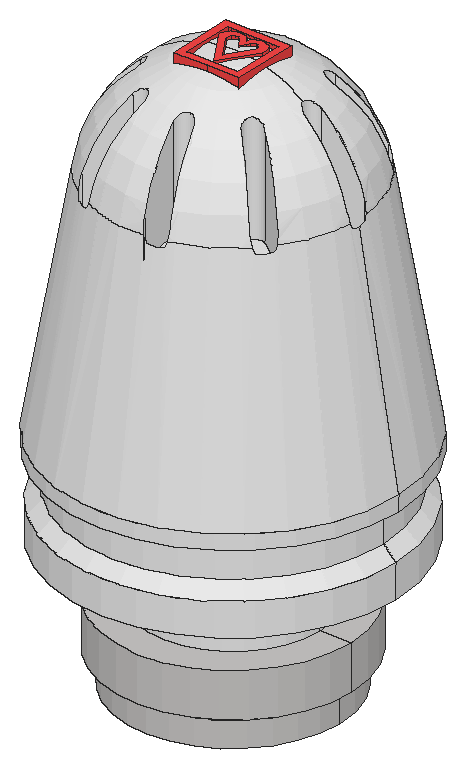
Revit family "HERZ-Thermostatkopf MINI Turbo M28x1.5 9200 13", category Rohrzubehör, Revit 2020
Family settings
  Bemaßung runder Anschluss = Durchmesser verwenden
  Teiletyp = Normal
  OmniClass-Nummer = 23.65.55.14
  OmniClass-Titel = Valves for Liquid Services
  Arbeitsebenenbasiert = Nein
  Immer vertikal = Nein
  Beim Laden mit Abzugskörper schneiden = Nein
  Gemeinsam genutzt = Nein
Parameters
  Vorgabe-Ansicht = 0 mm
  URL = "www.herz-armaturen.at"
  Thermostatkopf = "Kunststoff, weiß"  # constant formula
  Sollwertbereich = "0-30°C"  # constant formula
  S02 = 60 mm  # constant formula
  S01 = 73 mm  # constant formula
  Nullstellung = "Heizkörperthermostat mit Flüssigkeitsfühler (Hydrosensor) mit Stellung „0“, Frostsicherung einstellbar, mit Begrenzung und Blockierung des Sollwertbereiches."
  Hersteller = "HERZ Armaturen Ges.m.b.H."  # constant formula
  Funktionsweise = "Der HERZ-Thermostat dient als Fühl- und Regelelement. Durch die Volumsänderung der Flüssigkeitsfüllung im HERZ-Hydrosensor wird die Schubspindel des Ventils bewegt."
  Frostsicherung bei = 6 °C  # constant formula
  Sollwertbereich Frostsicherung = "6-30°C"  # constant formula
  Frostsicherung = "Heizkörperthermostat  mit  Flüssigkeitsfühler  (Hydrosensor)  mit  automatischer  Frostsicherung  und  Be-grenzung und Blockierung des Sollwertbereiches."
  Bestellnummer = 1920013  # constant formula
  Anwendungen = "Zur Montage auf Ventilen, die für thermostatischen Betrieb eingerichtet sind.Artikelnummern, Dimensionen und Lieferform der HERZ Ventile sind den jeweiligen Produktnormblättern zu entnehmen."
Reference planes
  plane 1 "Mitte (Vorne/hinten)": y = 0
  plane 2: z = 0
  plane 3 "Mitte (Links/rechts)": x = 0
Forms (mm)
  Revolve 1, solid, material "Kunststoff weiß", detail levels fine
    sketch origin (0, 0, 0) x (1, 0, 0) y (0, 0, 1)
      loop
        line (0, 0) -> (0, 73)
        arc (0, 73) -> (-11.397, 68.78) -> (-17.297, 58.156) r 17.5
        arc (-17.297, 58.156) -> (-20.011, 42.065) -> (-22.88, 26) r 1681.293
        line (-22.88, 26) -> (-22.88, 24) -> (-20.75, 24) -> (-20.75, 19.25) -> (-22.5, 17.5) -> (-22.5, 13) -> (-12.8, 13)
        arc (-12.8, 13) -> (-12.234, 12.766) -> (-12, 12.2) r 0.8
        line (-12, 12.2) -> (-12, 4.8) -> (-13.2, 4.8) -> (-13.2, 0) -> (0, 0)
      axis (0, 73) -> (0, 0)
    angle from 0 to 360
  Revolve 2, solid, material "Messing verzinkt", detail levels fine
    sketch origin (0, 0, 0) x (1, 0, 0) y (0, 0, 1)
      loop
        line (0, 0) -> (0, 5.5) -> (-16.35, 5.5) -> (-16.35, -0.576) -> (-14.75, -1.5) -> (-14.75, -5) -> (-13.35, -5) -> (-13.35, 0) -> (0, 0)
      axis (0, 5.5) -> (0, -5)
    angle from 0 to 360
  Extrusion 3, void
    sketch origin (0, 0, 0) x (1, 0, 0) y (0, 1, 0)
      loop
        arc (11.027, 1.298) -> (9.8, 0) -> (11.027, -1.298) r 1.3
        line (11.027, -1.298) -> (16.77, -1.62)
        arc (16.77, -1.62) -> (17.178, -1.485) -> (17.384, -1.107) r 0.586
        arc (17.384, -1.107) -> (17.453, 0.011) -> (17.382, 1.129) r 9
        arc (17.382, 1.129) -> (17.183, 1.492) -> (16.79, 1.621) r 0.564
        line (16.79, 1.621) -> (11.027, 1.298)
      loop
        line (9.282, 6.094) -> (13.904, 9.55)
        arc (13.904, 9.55) -> (14.121, 9.902) -> (14.04, 10.308) r 0.564
        arc (14.04, 10.308) -> (13.376, 11.21) -> (12.605, 12.023) r 9
        arc (12.605, 12.023) -> (12.205, 12.18) -> (11.805, 12.021) r 0.586
        line (11.805, 12.021) -> (7.613, 8.082)
        arc (7.613, 8.082) -> (7.507, 6.299) -> (9.282, 6.094) r 1.3
      loop
        arc (0.637, 11.085) -> (1.702, 9.651) -> (3.193, 10.634) r 1.3
        line (3.193, 10.634) -> (4.508, 16.234)
        arc (4.508, 16.234) -> (4.445, 16.659) -> (4.109, 16.928) r 0.586
        arc (4.109, 16.928) -> (3.02, 17.189) -> (1.907, 17.313) r 9
        arc (1.907, 17.313) -> (1.515, 17.181) -> (1.319, 16.816) r 0.564
        line (1.319, 16.816) -> (0.637, 11.085)
      loop
        line (-4.39, 10.199) -> (-6.991, 15.351)
        arc (-6.991, 15.351) -> (-7.3, 15.626) -> (-7.713, 15.617) r 0.564
        arc (-7.713, 15.617) -> (-8.717, 15.12) -> (-9.651, 14.501) r 9
        arc (-9.651, 14.501) -> (-9.875, 14.134) -> (-9.788, 13.713) r 0.586
        line (-9.788, 13.713) -> (-6.638, 8.901)
        arc (-6.638, 8.901) -> (-4.9, 8.487) -> (-4.39, 10.199) r 1.3
      loop
        arc (-10.806, 2.552) -> (-9.209, 3.352) -> (-9.918, 4.991) r 1.3
        line (-9.918, 4.991) -> (-15.204, 7.258)
        arc (-15.204, 7.258) -> (-15.634, 7.271) -> (-15.957, 6.986) r 0.586
        arc (-15.957, 6.986) -> (-16.404, 5.959) -> (-16.719, 4.884) r 9
        arc (-16.719, 4.884) -> (-16.657, 4.475) -> (-16.332, 4.219) r 0.564
        line (-16.332, 4.219) -> (-10.806, 2.552)
      loop
        line (-10.806, -2.552) -> (-16.332, -4.219)
        arc (-16.332, -4.219) -> (-16.657, -4.475) -> (-16.719, -4.884) r 0.564
        arc (-16.719, -4.884) -> (-16.404, -5.959) -> (-15.957, -6.986) r 9
        arc (-15.957, -6.986) -> (-15.634, -7.271) -> (-15.204, -7.258) r 0.586
        line (-15.204, -7.258) -> (-9.918, -4.991)
        arc (-9.918, -4.991) -> (-9.209, -3.352) -> (-10.806, -2.552) r 1.3
      loop
        arc (9.282, -6.094) -> (7.507, -6.299) -> (7.613, -8.082) r 1.3
        line (7.613, -8.082) -> (11.805, -12.021)
        arc (11.805, -12.021) -> (12.205, -12.18) -> (12.605, -12.023) r 0.586
        arc (12.605, -12.023) -> (13.376, -11.21) -> (14.04, -10.308) r 9
        arc (14.04, -10.308) -> (14.121, -9.902) -> (13.904, -9.55) r 0.564
        line (13.904, -9.55) -> (9.282, -6.094)
      loop
        line (0.637, -11.085) -> (1.319, -16.816)
        arc (1.319, -16.816) -> (1.515, -17.181) -> (1.907, -17.313) r 0.564
        arc (1.907, -17.313) -> (3.02, -17.189) -> (4.109, -16.928) r 9
        arc (4.109, -16.928) -> (4.445, -16.659) -> (4.508, -16.234) r 0.586
        line (4.508, -16.234) -> (3.193, -10.634)
        arc (3.193, -10.634) -> (1.702, -9.651) -> (0.637, -11.085) r 1.3
      loop
        arc (-4.39, -10.199) -> (-4.9, -8.487) -> (-6.638, -8.901) r 1.3
        line (-6.638, -8.901) -> (-9.788, -13.713)
        arc (-9.788, -13.713) -> (-9.875, -14.134) -> (-9.651, -14.501) r 0.586
        arc (-9.651, -14.501) -> (-8.717, -15.12) -> (-7.713, -15.617) r 9
        arc (-7.713, -15.617) -> (-7.3, -15.626) -> (-6.991, -15.351) r 0.564
        line (-6.991, -15.351) -> (-4.39, -10.199)
    from 55 to 73
Cuts and joins
  Extrusion 3 cuts Revolve 1
Lines and regions (mm)
  model lines, detail levels coarse+medium
    curve 1: line (0, 0, 0) -> (0, 0, 13)
    curve 2: line (0, -0.017, 0) -> (0, 13, 0)
    curve 3: circle (-0.018, 0, 43) r 30 normal (0, -1, 0)
    curve 4: circle (0, 0, 43) r 30 normal (1, 0, 0)
    curve 5: line (0, 0, 23) -> (0, 0, 63)
    curve 6: line (0, 17.5, 63) -> (0, -17.5, 63)
    curve 7: line (-0.018, 0, 23) -> (-0.018, 0, 63)
    curve 8: line (-17.518, 0, 63) -> (17.482, 0, 63)
    curve 9: circle (0, 43, 0) r 30 normal (0, 0, 1)
    curve 10: line (0, 63, 0) -> (0, 23, 0)
    curve 11: line (-17.5, 63, 0) -> (17.5, 63, 0)
Dimensions and locks
  "S01": curve 4 to plane 2
  "S01": curve 3 to plane 2
  "S01": plane 1 "Mitte (Vorne/hinten)" to curve 9
  "S02": diameter of curve 3
  "S02": diameter of curve 4
  "S02": diameter of curve 9
  aligned and locked: level to plane 2
Automatic sketch dimensions
  Revolve 1 sketch curve to level = 0 mm
  Revolve 1 sketch curve to plane 3 "Mitte (Links/rechts)" = 0 mm  (x2)
  Revolve 1 sketch curve to plane 3 "Mitte (Links/rechts)" = 12 mm
  Revolve 1 sketch curve to Revolve 1 sketch curve = 0.8 mm
  Revolve 1 sketch curve to Revolve 1 sketch curve = 1.2 mm
  Revolve 1 sketch curve to Revolve 1 sketch curve = 7.95 mm
  Revolve 1 sketch curve to Revolve 1 sketch curve = 1.75 mm  (x2)
  Revolve 1 sketch curve to Revolve 1 sketch curve = 2.13 mm
  level to Revolve 1 sketch curve = 329.658 mm
  Revolve 1 sketch curve to plane 3 "Mitte (Links/rechts)" = 1676.524 mm
  level to Revolve 1 sketch curve = 4.8 mm
  Revolve 1 sketch curve to Revolve 1 sketch curve = 7.4 mm
  Revolve 1 sketch curve to Revolve 1 sketch curve = 4.5 mm
  Revolve 1 sketch curve to Revolve 1 sketch curve = 4.75 mm
  Revolve 1 sketch curve to Revolve 1 sketch curve = 2 mm
  Revolve 1 sketch curve to Revolve 1 sketch curve = 29.5 mm
  Revolve 1 sketch curve to Revolve 1 sketch curve = 17.5 mm
  Revolve 1 sketch curve to level = 366.045 mm
  Revolve 1 sketch curve to Revolve 1 sketch curve = 2141.315 mm
  Revolve 2 sketch curve to level = 0 mm
  Revolve 2 sketch curve to plane 3 "Mitte (Links/rechts)" = 0 mm  (x2)
  Revolve 2 sketch curve to level = 5 mm
  Revolve 2 sketch curve to plane 3 "Mitte (Links/rechts)" = 13.35 mm
  Revolve 2 sketch curve to Revolve 2 sketch curve = 1.4 mm
  Revolve 2 sketch curve to level = 0.576 mm
  Revolve 2 sketch curve to Revolve 2 sketch curve = 1.6 mm
  Revolve 2 sketch curve to level = 1.5 mm
  level to Revolve 2 sketch curve = 5.5 mm
  Revolve 2 sketch curve to Revolve 2 sketch curve = 361.045 mm
  Revolve 2 sketch curve to Revolve 2 sketch curve = 2208.815 mm
  plane 1 "Mitte (Vorne/hinten)" to Extrusion 3 sketch curve = 0 mm  (x2)
  Extrusion 3 sketch curve to plane 1 "Mitte (Vorne/hinten)" = 4.219 mm
  Extrusion 3 sketch curve to plane 3 "Mitte (Links/rechts)" = 16.332 mm
  plane 1 "Mitte (Vorne/hinten)" to Extrusion 3 sketch curve = 4.219 mm
  Extrusion 3 sketch curve to Extrusion 3 sketch curve = 0 mm  (x11)
  Extrusion 3 sketch curve to Extrusion 3 sketch curve = 0.163 mm  (x2)
  Extrusion 3 sketch curve to Extrusion 3 sketch curve = 0.734 mm  (x2)
  plane 1 "Mitte (Vorne/hinten)" to Extrusion 3 sketch curve = 7.258 mm
  Extrusion 3 sketch curve to Extrusion 3 sketch curve = 0.231 mm  (x2)
  Extrusion 3 sketch curve to plane 1 "Mitte (Vorne/hinten)" = 7.258 mm
  plane 1 "Mitte (Vorne/hinten)" to Extrusion 3 sketch curve = 2.552 mm
  Extrusion 3 sketch curve to Extrusion 3 sketch curve = 5.526 mm
  Extrusion 3 sketch curve to plane 1 "Mitte (Vorne/hinten)" = 2.552 mm
  Extrusion 3 sketch curve to Extrusion 3 sketch curve = 0.375 mm  (x2)
  Extrusion 3 sketch curve to Extrusion 3 sketch curve = 0.512 mm  (x2)
  Extrusion 3 sketch curve to Extrusion 3 sketch curve = 5.416 mm  (x2)
  Extrusion 3 sketch curve to Extrusion 3 sketch curve = 0.49 mm  (x2)
  Extrusion 3 sketch curve to Extrusion 3 sketch curve = 2.488 mm  (x2)
  Extrusion 3 sketch curve to Extrusion 3 sketch curve = 1.803 mm  (x2)
  Extrusion 3 sketch curve to Extrusion 3 sketch curve = 0.504 mm  (x2)
  Extrusion 3 sketch curve to Extrusion 3 sketch curve = 3.281 mm  (x2)
  Extrusion 3 sketch curve to Extrusion 3 sketch curve = 1.088 mm  (x2)
  Extrusion 3 sketch curve to Extrusion 3 sketch curve = 1.16 mm  (x2)
  Extrusion 3 sketch curve to Extrusion 3 sketch curve = 1.324 mm  (x2)
  plane 3 "Mitte (Links/rechts)" to Extrusion 3 sketch curve = 0.637 mm  (x2)
  plane 3 "Mitte (Links/rechts)" to Extrusion 3 sketch curve = 1.319 mm  (x2)
  plane 3 "Mitte (Links/rechts)" to Extrusion 3 sketch curve = 1.468 mm  (x2)
  Extrusion 3 sketch curve to Extrusion 3 sketch curve = 0.561 mm  (x2)
  Extrusion 3 sketch curve to Extrusion 3 sketch curve = 1.291 mm  (x2)
  Extrusion 3 sketch curve to Extrusion 3 sketch curve = 1.266 mm  (x2)
  Extrusion 3 sketch curve to Extrusion 3 sketch curve = 2.058 mm  (x2)
  Extrusion 3 sketch curve to Extrusion 3 sketch curve = 0.57 mm  (x2)
  Extrusion 3 sketch curve to Extrusion 3 sketch curve = 5.007 mm  (x2)
  Extrusion 3 sketch curve to Extrusion 3 sketch curve = 1.138 mm  (x2)
  Extrusion 3 sketch curve to Extrusion 3 sketch curve = 1.978 mm
  Extrusion 3 sketch curve to Extrusion 3 sketch curve = 0.89 mm  (x2)
  Extrusion 3 sketch curve to Extrusion 3 sketch curve = 0.779 mm  (x2)
  plane 1 "Mitte (Vorne/hinten)" to Extrusion 3 sketch curve = 1.298 mm
  Extrusion 3 sketch curve to Extrusion 3 sketch curve = 2.575 mm
  Extrusion 3 sketch curve to Extrusion 3 sketch curve = 0.073 mm
  Extrusion 3 sketch curve to Extrusion 3 sketch curve = 4.192 mm  (x2)
  Extrusion 3 sketch curve to Extrusion 3 sketch curve = 0.401 mm  (x2)
  Extrusion 3 sketch curve to Extrusion 3 sketch curve = 1.36 mm  (x2)
  Extrusion 3 sketch curve to Extrusion 3 sketch curve = 0.338 mm  (x2)
  plane 1 "Mitte (Vorne/hinten)" to Extrusion 3 sketch curve = 1.62 mm
  Extrusion 3 sketch curve to Extrusion 3 sketch curve = 5.743 mm
  Extrusion 3 sketch curve to plane 1 "Mitte (Vorne/hinten)" = 1.621 mm
  Extrusion 3 sketch curve to Extrusion 3 sketch curve = 0.02 mm
  Extrusion 3 sketch curve to Extrusion 3 sketch curve = 0.033 mm
  Extrusion 3 sketch curve to Extrusion 3 sketch curve = 0.032 mm
  plane 1 "Mitte (Vorne/hinten)" to Extrusion 3 sketch curve = 7.32 mm
  Extrusion 3 sketch curve to Extrusion 3 sketch curve = 6.784 mm
  Extrusion 3 sketch curve to Extrusion 3 sketch curve = 1.004 mm
  Extrusion 3 sketch curve to Extrusion 3 sketch curve = 1.581 mm  (x2)
  Extrusion 3 sketch curve to Extrusion 3 sketch curve = 1.468 mm
  Extrusion 3 sketch curve to Extrusion 3 sketch curve = 0.712 mm  (x2)
  Extrusion 3 sketch curve to Extrusion 3 sketch curve = 0.452 mm  (x2)
  Extrusion 3 sketch curve to Extrusion 3 sketch curve = 2.31 mm  (x2)
  Extrusion 3 sketch curve to Extrusion 3 sketch curve = 0.297 mm  (x2)
  Extrusion 3 sketch curve to Extrusion 3 sketch curve = 1.591 mm  (x2)
  Extrusion 3 sketch curve to Extrusion 3 sketch curve = 0.427 mm  (x2)
  Extrusion 3 sketch curve to Extrusion 3 sketch curve = 4.812 mm  (x2)
  Extrusion 3 sketch curve to Extrusion 3 sketch curve = 0.321 mm  (x2)
  Extrusion 3 sketch curve to Extrusion 3 sketch curve = 1.063 mm  (x2)
  Extrusion 3 sketch curve to Extrusion 3 sketch curve = 0.254 mm  (x2)
  Extrusion 3 sketch curve to Extrusion 3 sketch curve = 5.599 mm  (x2)
  Extrusion 3 sketch curve to Extrusion 3 sketch curve = 0.134 mm  (x2)
  Extrusion 3 sketch curve to Extrusion 3 sketch curve = 0.382 mm  (x2)
  Extrusion 3 sketch curve to Extrusion 3 sketch curve = 0.067 mm  (x2)
  Extrusion 3 sketch curve to Extrusion 3 sketch curve = 0.947 mm
  Extrusion 3 sketch curve to Extrusion 3 sketch curve = 0.539 mm  (x2)
  Extrusion 3 sketch curve to Extrusion 3 sketch curve = 1.702 mm
  Extrusion 3 sketch curve to Extrusion 3 sketch curve = 2.439 mm
  Extrusion 3 sketch curve to Extrusion 3 sketch curve = 0.54 mm  (x2)
  Extrusion 3 sketch curve to Extrusion 3 sketch curve = 0.905 mm
  Extrusion 3 sketch curve to Extrusion 3 sketch curve = 0.585 mm
  Extrusion 3 sketch curve to Extrusion 3 sketch curve = 0.564 mm
  Extrusion 3 sketch curve to Extrusion 3 sketch curve = 0.339 mm
  Extrusion 3 sketch curve to Extrusion 3 sketch curve = 1.245 mm
  Extrusion 3 sketch curve to plane 1 "Mitte (Vorne/hinten)" = 5.433 mm
  Extrusion 3 sketch curve to Extrusion 3 sketch curve = 0.661 mm
  Extrusion 3 sketch curve to Extrusion 3 sketch curve = 1.041 mm
  Extrusion 3 sketch curve to Extrusion 3 sketch curve = 4.429 mm
  Extrusion 3 sketch curve to Extrusion 3 sketch curve = 2.891 mm
  Extrusion 3 sketch curve to Extrusion 3 sketch curve = 3.456 mm
  Extrusion 3 sketch curve to plane 1 "Mitte (Vorne/hinten)" = 1.298 mm  (x2)
  curve 5 to plane 1 "Mitte (Vorne/hinten)" = 0 mm
  curve 4 to plane 1 "Mitte (Vorne/hinten)" = 0 mm
  plane 1 "Mitte (Vorne/hinten)" to curve 6 = 17.5 mm
  curve 5 to curve 6 = 17.5 mm
  curve 5 to curve 4 = 20 mm
  curve 4 to curve 6 = 20 mm
  curve 1 to plane 3 "Mitte (Links/rechts)" = 0 mm
  curve 1 to level = 0 mm
  curve 3 to plane 3 "Mitte (Links/rechts)" = 0.018 mm
  curve 7 to plane 3 "Mitte (Links/rechts)" = 0.018 mm
  curve 8 to curve 7 = 17.5 mm
  plane 3 "Mitte (Links/rechts)" to curve 8 = 17.482 mm
  curve 1 to curve 7 = 10 mm
  curve 3 to curve 8 = 20 mm
  curve 9 to plane 3 "Mitte (Links/rechts)" = 0 mm
  curve 10 to plane 3 "Mitte (Links/rechts)" = 0 mm
  curve 2 to plane 3 "Mitte (Links/rechts)" = 0 mm
  curve 11 to curve 10 = 17.5 mm
  plane 3 "Mitte (Links/rechts)" to curve 11 = 17.5 mm
  plane 1 "Mitte (Vorne/hinten)" to curve 2 = 0.017 mm
  curve 2 to curve 10 = 10 mm
  curve 9 to curve 11 = 20 mm
Nested families
  nested 1: "Herz-Logo" at (0, 0, 71.5), type "Herz-Logo", detail levels fine
Definition of nested family "Herz-Logo"
  Parameters (values of type "Herz-Logo")
    Default Elevation = 0 mm
  Reference planes
    plane 1 "Mitte (Vorne/hinten)": y = 0
    plane 2: z = 0
    plane 3 "Mitte (Links/rechts)": x = 0
  Forms (mm)
    Extrusion 1, solid
      sketch origin (0, 0, 0) x (1, 0, 0) y (0, 1, 0)
        loop
          line (-0.018, -4.517) -> (4.482, -4.517) -> (4.482, 4.483) -> (-4.518, 4.483) -> (-4.518, -4.517) -> (-0.018, -4.517)
        loop
          line (-0.05, -3.48) -> (3.482, -3.48) -> (3.482, 3.483) -> (-3.518, 3.483) -> (-3.518, -3.48) -> (-0.05, -3.48)
        loop
          arc (-0.018, 2.383) -> (-1.543, 3.287) -> (-3.067, 2.383) r 1.738
          arc (-3.067, 2.383) -> (-3.191, 1.899) -> (-3.067, 1.415) r 1.009
          line (-3.067, 1.415) -> (-0.018, -3.281) -> (3.032, 1.415)
          arc (3.032, 1.415) -> (3.156, 1.899) -> (3.032, 2.383) r 1.009
          arc (3.032, 2.383) -> (1.507, 3.287) -> (-0.018, 2.383) r 1.738
        loop
          arc (1.885, 1.272) -> (2.005, 1.675) -> (1.885, 2.079) r 0.74
          arc (1.885, 2.079) -> (1.265, 2.416) -> (0.644, 2.079) r 0.74
          line (0.644, 2.079) -> (-0.018, 0.97) -> (-0.679, 2.079)
          arc (-0.679, 2.079) -> (-1.3, 2.416) -> (-1.921, 2.079) r 0.74
          arc (-1.921, 2.079) -> (-2.04, 1.675) -> (-1.921, 1.272) r 0.74
          line (-1.921, 1.272) -> (-0.018, -1.658) -> (1.885, 1.272)
      from 0 to 1.5
  Dimensions and locks
    aligned and locked: level to plane 2
